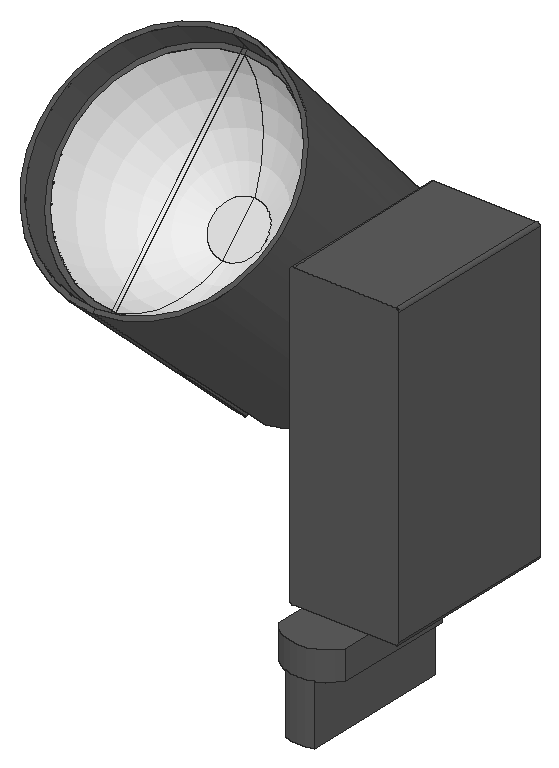
Revit family "0004944 Feilo Sylvania Lighting Fixture START TRACK SPOT L DALI 3260LM 930 WB BLK", category Lighting Fixtures, host Face, Revit 2017
Family settings
  Host = Face
  Round Connector Dimension = Use Diameter
  Part Type = Normal
  OmniClass Number = 23.80.70.00
  OmniClass Title = Lighting
  Cut with Voids When Loaded = No
  Light Source = No
  Shared = No
  Room Calculation Point = No
Parameters (values of type "0004944 START TRACK SPOT L DALI 3260LM 930 WB BLK")
  Weight = "1.368 kg"
  Wattage Comments = ""
  WarrantyStartDate [instance] = "n/a"
  WarrantyGuarantorParts = "n/a"
  WarrantyDurationUnit = "n/a"
  WarrantyDurationParts = "n/a"
  WarrantyDescription = "n/a"
  Voltage = 230 V
  URL = "http://www.sylvania-lighting.com/"
  TypeName = "START TRACK SPOT L DALI 3260LM 930 WB BLK"
  TypeHead_FEILO = Start Track Spot Head : 0004891 START TRACK SPOT L 35W 3K RA90 WB BLACK
  TypeBox_FEILO = Start Track Spot Box : Type Large Black
  Type Image = <None>
  Type Comments = "n/a"
  VerticalRotation_FEILO [instance] = 0.00°
  SlideEndAngle_FEILO [instance] = VerticalRotation_FEILO + 180.00°  # 180.00°
  SerialNumber [instance] = "n/a"
  Material_3_FEILO = none
  PowerFactor = 0.93
  PowerConsumption = "35 W"
  NominalLength = 0 mm
  NominalHeight = 240 mm
  NominalDepth = 164 mm
  Name = "START TRACK SPOT L DALI 3260LM 930 WB BLK"
  ModelReference = Name  # "START TRACK SPOT L DALI 3260LM 930 WB BLK"
  ModelNumber = "0004944"
  Model = Name  # "START TRACK SPOT L DALI 3260LM 930 WB BLK"
  Material = "adc12 aluminium housing, polycarbonate diffuser"
  ManufacturerName = "Feilo Sylvania"
  Manufacturer = "Feilo Sylvania"
  LuminousEfficacy = "93 lm/W"
  LuminaireType = ""
  LightOutputRatio = "100"
  LampsType = Lamp  # "LED"
  LampNominalLuminous = "3260 lm"
  LampMacAdamStep = "3"
  LampColourTemperature = "3000 K"
  LampColourRenderingIndex = "90"
  Lamp = "LED"
  Keynote = "16500"
  InstallationDate [instance] = "n/a"
  InputVoltage = "230-240V~"
  InputNominalFrequency = "50/60 Hz"
  IngressProtection = "IP20"
  ImpactProtectionIndex = "IK02"
  IfcExportType = "IfcLightFixtureType"
  IfcExportAs = "IfcLightFixtureType"
  HorizontalRotation_FEILO [instance] = 45.00°
  ExpectedLife = 50000
  ElectricShockClassification = "Class II"
  DurationUnit = "hours"
  DocumentationLiterature = "http://www.sylvania-lighting.com/product/en-int/products/0004891"
  DimmingControlOptions = "Dimmable"
  Material_2_FEILO = none
  Description = "Integrated LED spotlight, Textured Black - RAL9005, compact and minimalist design, ideal for retail applications, die-cast aluminium body, passive cooling heatsink. Beam angle: 52°, color temperature: 3000K , total system power: 35W, total fixture output: 3260 lm, LOR: 100%, colour rendering: Ra: 90 typical, LED Chromaticity: 3 step MacAdam ellipse, lifetime: >50000 hours at L70B50, energy class: A++, A+, A, IR/UV free light source without heat radiation, operating voltage: 220-240V / 50-60Hz, drive current: 900mA, electronic driver, non-dimmable, power factor: 0.93, electrical protection: Class II, Global Track 3 Phase adapter suitable for Global trac 3-circuit tracks, ingress protection rating: IP20, suitable for internal environment only, horizontal rotation: 355°, vertical tilt: 90°, dimensions: Ø113x164x240, weight: 1.368kg."
  Default Elevation = 1219.2 mm
  CreatedOn = "04/26/2018"
  CreatedBy = ""
  Cost = 0
  built-in parameter 1114216 [instance] = (empty or 0)
  ClassificationValue = "EF_70_80"
  ClassificationName = "Uniclass2015"
  Material_1_FEILO = Body-Sylvania-StartTrackSpot-Black
  BarCode [instance] = "n/a"
  AssetType = "Fixed"
  AssetIdentifier [instance] = "n/a"
  Assembly Code = "D5020200"
  Apparent Load = 35 VA
  Material_4_FEILO = none
Reference planes
  plane 1 "Center (Front/Back)": y = 0
  plane 2: z = 0
  plane 3 "Center (Left/Right)": x = 0
  plane 4: x = 15
  plane 5: x = -15
  plane 6: y = 35
  plane 7: y = -35
  plane 8: z = 13
  plane 9: z = -27
  plane 10: x = 6.5
  plane 11: x = -6.5
  plane 12: y = 27
  plane 13: y = -27
  plane 14: y = 20
Forms (mm)
  Extrusion 1, solid, material "Body-Sylvania-StartTrackSpot-Black" <- "Material_1_FEILO"
    sketch origin (0, 0, 0) x (1, 0, 0) y (0, 1, 0)
      loop
        line (-15, 27) -> (-15, -27)
        arc (-15, -27) -> (0, -35) -> (15, -27) r 18.062
        line (15, -27) -> (15, 27)
        arc (15, 27) -> (0, 35) -> (-15, 27) r 18.062
    from 0 to 13
  Extrusion 2, solid, material "Body-Sylvania-StartTrackSpot-Black" <- "Material_1_FEILO"
    sketch origin (0, 0, 0) x (1, 0, 0) y (0, 1, 0)
      loop
        arc (6.5, 33.79) -> (0, 35) -> (-6.5, 33.79) r 18.062
        line (-6.5, 33.79) -> (-6.5, -33.79)
        arc (-6.5, -33.79) -> (0, -35) -> (6.5, -33.79) r 18.062
        line (6.5, -33.79) -> (6.5, 33.79)
    from 0 to -27
  Revolve 3, solid, not visible
    sketch origin (1524, 20, 1219.2) x (1, 0, 0) y (0, 0, 1)
      loop
        line (-1524, -1206.2) -> (-1524, -1191.285) -> (-1530.5, -1191.285) -> (-1530.5, -1206.2) -> (-1524, -1206.2)
      axis (-1524, -1191.285) -> (-1524, -1206.2)
    angle from 0 <- "VerticalRotation_FEILO" to 180 <- "SlideEndAngle_FEILO"
Cuts and joins
  joined: Extrusion 1, Extrusion 2
Dimensions and locks
  equal spacing: plane 10, plane 3 "Center (Left/Right)", plane 11
  equal spacing: plane 4, plane 3 "Center (Left/Right)", plane 5
  locked: plane 8 to plane 2 at 13
  locked: plane 8 to plane 9 at 40
  equal spacing: plane 13, plane 1 "Center (Front/Back)", plane 12
  locked: plane 12 to plane 6 at 8
  locked: plane 14 to plane 6 at 15
  locked: Revolve 3 sketch curve to plane 8 at 14.915
  aligned and locked: plane 2 to host face
  aligned and locked: level to host face
  aligned and locked: plane 5 to Extrusion 1 sketch curve  (x2)
  aligned and locked: plane 12 to Extrusion 1 sketch curve
  aligned and locked: plane 13 to Extrusion 1 sketch curve
  aligned and locked: plane 4 to Extrusion 1 sketch curve
  aligned and locked: Extrusion 1 to plane 8
  aligned and locked: Extrusion 1 to level
  aligned and locked: Extrusion 2 sketch curve to Extrusion 1  (x2)
  aligned and locked: Extrusion 2 sketch curve to plane 11
  aligned and locked: plane 10 to Extrusion 2 sketch curve
  aligned and locked: plane 9 to Extrusion 2
  aligned and locked: level to Extrusion 2
  aligned and locked: Revolve 3 sketch curve to plane 3 "Center (Left/Right)"  (x2)
  aligned and locked: plane 11 to Revolve 3 sketch curve
  aligned and locked: Revolve 3 sketch curve to plane 8
Automatic sketch dimensions
  host sketch curve to host sketch curve = 2438.4 mm  (x2)
  Extrusion 1 sketch curve to plane 3 "Center (Left/Right)" = 0 mm  (x2)
  Extrusion 1 sketch curve to plane 13 = 10.062 mm
  plane 12 to Extrusion 1 sketch curve = 10.062 mm
  Revolve 3 sketch curve to plane 3 "Center (Left/Right)" = 0 mm
  plane 9 to Revolve 3 sketch curve = 582.6 mm
  Revolve 3 sketch curve to Revolve 3 sketch curve = 2581.144 mm
Nested families
  nested 1: "Start Track Spot Head" at (-75.5, 20, 133) x (0, 0.7071, 0.7071) z (0, 0.7071, -0.7071), type <- "TypeHead_FEILO", type "0004891 START TRACK SPOT L 35W 3K RA90 WB BLACK"
    with built-in parameter 1114216 (empty or 0)
  nested 2: "Start Track Spot Box" at (8.5, 20, 85) x (-1, 0, 0) z (0, -1, 0), BoxStartAngle_FEILO <- "HorizontalRotation_FEILO", type <- "TypeBox_FEILO", type "Type Large Black"
    with BoxStartAngle_FEILO 45.00°, BoxEndAngle_FEILO -135.00°
Connectors
  electrical at (0, 0, 0), driven by "Apparent Load", driven by "PowerFactor", driven by "Voltage"
    settings: index 1, voltage 230 V, apparent load 35 VA, apparent load phase1 0 VA, apparent load phase2 0 VA, apparent load phase3 0 VA, power factor 0.93, load classification "Lighting", number of poles 1, system type 30, power factor state 1, is connector primary yes, connector utility no, sub classification motor no, connector description ""
Definition of nested family "Start Track Spot Head"
  Parameters (values of type "0004811 START TRACK SPOT S 14W 3K RA80 NB WHITE")
    Wattage Comments = "n/a"
    Wattage = 14 W
    built-in parameter 1150110 = 1 (stored number, unit not read)
    URL = "http://www.feilosylvania.com"
    Type Image = (empty or 0)
    Type Comments = "n/a"
    built-in parameter 1114217 = 1 (stored number, unit not read)
    Tilt Angle = -90.00°
    built-in parameter 1150109 = 1 (stored number, unit not read)
    built-in parameter 1150134 = (empty or 0)
    built-in parameter 1150113 = 1 (stored number, unit not read)
    Photometric Web File = "0004811.ies"
    Material_3_FEILO = none
    Model = "START TRACK SPOT S 14W 3K RA80 NB WHITE"
    Manufacturer = "Feilo Sylvania"
    built-in parameter 1150105 = 123.66 (stored number, unit not read)
    Lumens = 1554 lm
    built-in parameter 1150115 = 1 (stored number, unit not read)
    built-in parameter 1150137 = (empty or 0)
    built-in parameter 1150139 = (empty or 0)
    built-in parameter 1150112 = 1 (stored number, unit not read)
    built-in parameter 1150114 = 1 (stored number, unit not read)
    Lamp = "LED"
    Keynote = "16500"
    Material_2_FEILO = none
    built-in parameter 1150132 = (empty or 0)
    built-in parameter 1150102 = (empty or 0)
    built-in parameter 1150107 = 3000 (stored number, unit not read)
    built-in parameter 1150138 = (empty or 0)
    built-in parameter 1150106 = 1.2366 (stored number, unit not read)
    HeadThickness_FEILO = if(HeadDiaOut_FEILO > 112 mm, 2 mm, 1.5 mm)  # 1.5 mm
    HeadRibOffset_FEILO = HeadHeight_FEILO / 28  # 4.179 mm
    HeadRibDepth_FEILO = HeadHeight_FEILO / 2.1  # 55.714 mm
    HeadRibCutWidth_FEILO = HeadDiaOut_FEILO / 12  # 7.167 mm
    HeadRibCutOffset_FEILO = HeadHeight_FEILO / 2.3  # 50.87 mm
    HeadReflectorRadius_FEILO = HeadDiaOut_FEILO / 1.7  # 50.588 mm
    HeadReflectorOffset_FEILO = HeadHeight_FEILO / 2.1  # 55.714 mm
    HeadLEDRadius_FEILO = HeadDiaOut_FEILO / 9  # 9.556 mm
    HeadHeight_FEILO = 117 mm
    HeadDraft_FEILO = 1 mm
    HeadDiffusorThickness_FEILO = 3 mm
    HeadDiffusorOffset_FEILO = HeadHeight_FEILO / 12.4  # 9.435 mm
    HeadDiaOut_FEILO = 86 mm
    HeadDiaIn_FEILO = HeadDiaOut_FEILO / 1.11  # 77.477 mm
    HeadAxisFromTop_FEILO = HeadHeight_FEILO / 1.687  # 69.354 mm
    Emit from Circle Diameter = HeadDiaIn_FEILO  # 77.477 mm
    Emit Shape Visible in Rendering = no
    built-in parameter 1150104 = 10.312 (stored number, unit not read)
    Dimming Lamp Color Temperature Shift = (empty or 0)
    Description = "Integrated LED spotlight, Textured White - RAL9016, compact and minimalist design, ideal for retail applications, die-cast aluminium body, passive cooling heatsink. Beam angle: 12°, color temperature: 3000K , total system power: 14W, total fixture output: 1551 lm, LOR: 100%, colour rendering: Ra: 80 typical, LED Chromaticity: 3 step MacAdam ellipse, lifetime: >50000 hours at L70B50, energy class: A++, A+, A, IR/UV free light source without heat radiation, operating voltage: 220-240V / 50-60Hz, drive current: 350mA, electronic driver, non-dimmable, power factor: 0.92, electrical protection: Class II, Global Track 3 Phase adapter suitable for Global trac 3-circuit tracks, ingress protection rating: IP20, suitable for internal environment only, horizontal rotation: 355°, vertical tilt: 90°, dimensions: Ø86x140x200, weight: 0.940kg."
    Default Elevation = 1219.2 mm
    Cost = 0
    Color Filter = 16777215
    built-in parameter 1114216 [instance] = (empty or 0)
    Material_1_FEILO = none
    built-in parameter 1114218 = 1 (stored number, unit not read)
    built-in parameter 1150133 = 10 (stored number, unit not read)
    Assembly Code = "D5020200"
    Apparent Load = 14 VA
    Material_4_FEILO = none
  Types (96, lengths in mm): name | Wattage | built-in parameter 1150134 | Photometric Web File | Model | built-in parameter 1150105 | Lumens | built-in parameter 1150107 | built-in parameter 1150106 | HeadThickness_FEILO | HeadRibOffset_FEILO | HeadRibDepth_FEILO | HeadRibCutWidth_FEILO | HeadRibCutOffset_FEILO | HeadReflectorRadius_FEILO | HeadReflectorOffset_FEILO | HeadLEDRadius_FEILO | HeadHeight_FEILO | HeadDiffusorOffset_FEILO | HeadDiaOut_FEILO | HeadDiaIn_FEILO | HeadAxisFromTop_FEILO | Emit from Circle Diameter | built-in parameter 1150104 | Description | Apparent Load
    0004906 START TRACK SPOT L 55W 4K RA90 WB BLACK | 55 W | 12 | "0004906.ies" | "START TRACK SPOT L 55W 4K RA90 WB BLACK" | 385.15 (stored number, unit not read) | 4840 lm | 4000 (stored number, unit not read) | 3.8515 (stored number, unit not read) | 2 | 4.429 | 59.048 | 9.417 | 53.913 | 66.471 | 59.048 | 12.556 | 124 | 10 | 113 | 101.802 | 73.503 | 101.802 | 8.1755 (stored number, unit not read) | "Integrated LED spotlight, Textured Black - RAL9005, compact and minimalist design, ideal for retail applications, die-cast aluminium body, passive cooling heatsink. Beam angle: 52°, color temperature: 4000K , total system power: 55W, total fixture output: 4824 lm, LOR: 100%, colour rendering: Ra: 90 typical, LED Chromaticity: 3 step MacAdam ellipse, lifetime: >50000 hours at L70B50, energy class: A++, A+, A, IR/UV free light source without heat radiation, operating voltage: 220-240V / 50-60Hz, drive current: 1400mA, electronic driver, non-dimmable, power factor: 0.96, electrical protection: Class II, Global Track 3 Phase adapter suitable for Global trac 3-circuit tracks, ingress protection rating: IP20, suitable for internal environment only, horizontal rotation: 355°, vertical tilt: 90°, dimensions: Ø113x164x240, weight: 1.398kg." | 55 VA
    0004905 START TRACK SPOT L 55W 4K RA90 MB BLACK | 55 W | 12 | "0004905.ies" | "START TRACK SPOT L 55W 4K RA90 MB BLACK" | 389.53 (stored number, unit not read) | 4895 lm | 4000 (stored number, unit not read) | 3.8953 (stored number, unit not read) | 2 | 4.429 | 59.048 | 9.417 | 53.913 | 66.471 | 59.048 | 12.556 | 124 | 10 | 113 | 101.802 | 73.503 | 101.802 | 8.2684 (stored number, unit not read) | "Integrated LED spotlight, Textured Black - RAL9005, compact and minimalist design, ideal for retail applications, die-cast aluminium body, passive cooling heatsink. Beam angle: 38°, color temperature: 4000K , total system power: 55W, total fixture output: 4897 lm, LOR: 100%, colour rendering: Ra: 90 typical, LED Chromaticity: 3 step MacAdam ellipse, lifetime: >50000 hours at L70B50, energy class: A++, A+, A, IR/UV free light source without heat radiation, operating voltage: 220-240V / 50-60Hz, drive current: 1400mA, electronic driver, non-dimmable, power factor: 0.96, electrical protection: Class II, Global Track 3 Phase adapter suitable for Global trac 3-circuit tracks, ingress protection rating: IP20, suitable for internal environment only, horizontal rotation: 355°, vertical tilt: 90°, dimensions: Ø113x164x240, weight: 1.398kg." | 55 VA
    0004904 START TRACK SPOT L 55W 4K RA90 NB BLACK | 55 W | 12 | "0004904.ies" | "START TRACK SPOT L 55W 4K RA90 NB BLACK" | 393.91 (stored number, unit not read) | 4950 lm | 4000 (stored number, unit not read) | 3.9391 (stored number, unit not read) | 2 | 4.429 | 59.048 | 9.417 | 53.913 | 66.471 | 59.048 | 12.556 | 124 | 10 | 113 | 101.802 | 73.503 | 101.802 | 8.3613 (stored number, unit not read) | "Integrated LED spotlight, Textured Black - RAL9005, compact and minimalist design, ideal for retail applications, die-cast aluminium body, passive cooling heatsink. Beam angle: 15°, color temperature: 4000K , total system power: 55W, total fixture output: 4965 lm, LOR: 100%, colour rendering: Ra: 90 typical, LED Chromaticity: 3 step MacAdam ellipse, lifetime: >50000 hours at L70B50, energy class: A++, A+, A, IR/UV free light source without heat radiation, operating voltage: 220-240V / 50-60Hz, drive current: 1400mA, electronic driver, non-dimmable, power factor: 0.96, electrical protection: Class II, Global Track 3 Phase adapter suitable for Global trac 3-circuit tracks, ingress protection rating: IP20, suitable for internal environment only, horizontal rotation: 355°, vertical tilt: 90°, dimensions: Ø113x164x240, weight: 1.398kg." | 55 VA
    0004903 START TRACK SPOT L 35W 4K RA90 WB BLACK | 35 W | 12 | "0004903.ies" | "START TRACK SPOT L 35W 4K RA90 WB BLACK" | 284.09 (stored number, unit not read) | 3570 lm | 4000 (stored number, unit not read) | 2.8409 (stored number, unit not read) | 2 | 4.429 | 59.048 | 9.417 | 53.913 | 66.471 | 59.048 | 12.556 | 124 | 10 | 113 | 101.802 | 73.503 | 101.802 | 9.4761 (stored number, unit not read) | "Integrated LED spotlight, Textured Black - RAL9005, compact and minimalist design, ideal for retail applications, die-cast aluminium body, passive cooling heatsink. Beam angle: 52°, color temperature: 4000K , total system power: 35W, total fixture output: 3562 lm, LOR: 100%, colour rendering: Ra: 90 typical, LED Chromaticity: 3 step MacAdam ellipse, lifetime: >50000 hours at L70B50, energy class: A++, A+, A, IR/UV free light source without heat radiation, operating voltage: 220-240V / 50-60Hz, drive current: 900mA, electronic driver, non-dimmable, power factor: 0.93, electrical protection: Class II, Global Track 3 Phase adapter suitable for Global trac 3-circuit tracks, ingress protection rating: IP20, suitable for internal environment only, horizontal rotation: 355°, vertical tilt: 90°, dimensions: Ø113x164x240, weight: 1.368kg." | 35 VA
    0004902 START TRACK SPOT L 35W 4K RA90 MB BLACK | 35 W | 12 | "0004902.ies" | "START TRACK SPOT L 35W 4K RA90 MB BLACK" | 286.88 (stored number, unit not read) | 3605 lm | 4000 (stored number, unit not read) | 2.8688 (stored number, unit not read) | 2 | 4.429 | 59.048 | 9.417 | 53.913 | 66.471 | 59.048 | 12.556 | 124 | 10 | 113 | 101.802 | 73.503 | 101.802 | 9.569 (stored number, unit not read) | "Integrated LED spotlight, Textured Black - RAL9005, compact and minimalist design, ideal for retail applications, die-cast aluminium body, passive cooling heatsink. Beam angle: 38°, color temperature: 4000K , total system power: 35W, total fixture output: 3616 lm, LOR: 100%, colour rendering: Ra: 90 typical, LED Chromaticity: 3 step MacAdam ellipse, lifetime: >50000 hours at L70B50, energy class: A++, A+, A, IR/UV free light source without heat radiation, operating voltage: 220-240V / 50-60Hz, drive current: 900mA, electronic driver, non-dimmable, power factor: 0.93, electrical protection: Class II, Global Track 3 Phase adapter suitable for Global trac 3-circuit tracks, ingress protection rating: IP20, suitable for internal environment only, horizontal rotation: 355°, vertical tilt: 90°, dimensions: Ø113x164x240, weight: 1.368kg." | 35 VA
    0004901 START TRACK SPOT L 35W 4K RA90 NB BLACK | 35 W | 12 | "0004901.ies" | "START TRACK SPOT L 35W 4K RA90 NB BLACK" | 286.88 (stored number, unit not read) | 3605 lm | 4000 (stored number, unit not read) | 2.8688 (stored number, unit not read) | 2 | 4.429 | 59.048 | 9.417 | 53.913 | 66.471 | 59.048 | 12.556 | 124 | 10 | 113 | 101.802 | 73.503 | 101.802 | 9.569 (stored number, unit not read) | "Integrated LED spotlight, Textured Black - RAL9005, compact and minimalist design, ideal for retail applications, die-cast aluminium body, passive cooling heatsink. Beam angle: 15°, color temperature: 4000K , total system power: 35W, total fixture output: 3593 lm, LOR: 100%, colour rendering: Ra: 90 typical, LED Chromaticity: 3 step MacAdam ellipse, lifetime: >50000 hours at L70B50, energy class: A++, A+, A, IR/UV free light source without heat radiation, operating voltage: 220-240V / 50-60Hz, drive current: 900mA, electronic driver, non-dimmable, power factor: 0.93, electrical protection: Class II, Global Track 3 Phase adapter suitable for Global trac 3-circuit tracks, ingress protection rating: IP20, suitable for internal environment only, horizontal rotation: 355°, vertical tilt: 90°, dimensions: Ø113x164x240, weight: 1.368kg." | 35 VA
    0004900 START TRACK SPOT S 24W 4K RA90 WB BLACK | 24 W | 12 | "0004900.ies" | "START TRACK SPOT S 24W 4K RA90 WB BLACK" | 166.16 (stored number, unit not read) | 2088 lm | 4000 (stored number, unit not read) | 1.6616 (stored number, unit not read) | 1.5 | 4.179 | 55.714 | 7.167 | 50.87 | 50.588 | 55.714 | 9.556 | 117 | 9.435 | 86 | 77.477 | 69.354 | 77.477 | 8.0826 (stored number, unit not read) | "Integrated LED spotlight, Textured Black - RAL9005, compact and minimalist design, ideal for retail applications, die-cast aluminium body, passive cooling heatsink. Beam angle: 64°, color temperature: 4000K , total system power: 24W, total fixture output: 2087 lm, LOR: 100%, colour rendering: Ra: 90 typical, LED Chromaticity: 3 step MacAdam ellipse, lifetime: >50000 hours at L70B50, energy class: A++, A+, A, IR/UV free light source without heat radiation, operating voltage: 220-240V / 50-60Hz, drive current: 600mA, electronic driver, non-dimmable, power factor: 0.95, electrical protection: Class II, Global Track 3 Phase adapter suitable for Global trac 3-circuit tracks, ingress protection rating: IP20, suitable for internal environment only, horizontal rotation: 355°, vertical tilt: 90°, dimensions: Ø86x140x200, weight: 0.966kg." | 24 VA
    0004899 START TRACK SPOT S 24W 4K RA90 MB BLACK | 24 W | 12 | "0004899.ies" | "START TRACK SPOT S 24W 4K RA90 MB BLACK" | 169.98 (stored number, unit not read) | 2136 lm | 4000 (stored number, unit not read) | 1.6998 (stored number, unit not read) | 1.5 | 4.179 | 55.714 | 7.167 | 50.87 | 50.588 | 55.714 | 9.556 | 117 | 9.435 | 86 | 77.477 | 69.354 | 77.477 | 8.2684 (stored number, unit not read) | "Integrated LED spotlight, Textured Black - RAL9005, compact and minimalist design, ideal for retail applications, die-cast aluminium body, passive cooling heatsink. Beam angle: 36°, color temperature: 4000K , total system power: 24W, total fixture output: 2141 lm, LOR: 100%, colour rendering: Ra: 90 typical, LED Chromaticity: 3 step MacAdam ellipse, lifetime: >50000 hours at L70B50, energy class: A++, A+, A, IR/UV free light source without heat radiation, operating voltage: 220-240V / 50-60Hz, drive current: 600mA, electronic driver, non-dimmable, power factor: 0.95, electrical protection: Class II, Global Track 3 Phase adapter suitable for Global trac 3-circuit tracks, ingress protection rating: IP20, suitable for internal environment only, horizontal rotation: 355°, vertical tilt: 90°, dimensions: Ø86x140x200, weight: 0.966kg." | 24 VA
    0004898 START TRACK SPOT S 24W 4K RA90 NB BLACK | 24 W | 12 | "0004898.ies" | "START TRACK SPOT S 24W 4K RA90 NB BLACK" | 171.89 (stored number, unit not read) | 2160 lm | 4000 (stored number, unit not read) | 1.7189 (stored number, unit not read) | 1.5 | 4.179 | 55.714 | 7.167 | 50.87 | 50.588 | 55.714 | 9.556 | 117 | 9.435 | 86 | 77.477 | 69.354 | 77.477 | 8.3613 (stored number, unit not read) | "Integrated LED spotlight, Textured Black - RAL9005, compact and minimalist design, ideal for retail applications, die-cast aluminium body, passive cooling heatsink. Beam angle: 12°, color temperature: 4000K , total system power: 24W, total fixture output: 2155 lm, LOR: 100%, colour rendering: Ra: 90 typical, LED Chromaticity: 3 step MacAdam ellipse, lifetime: >50000 hours at L70B50, energy class: A++, A+, A, IR/UV free light source without heat radiation, operating voltage: 220-240V / 50-60Hz, drive current: 600mA, electronic driver, non-dimmable, power factor: 0.95, electrical protection: Class II, Global Track 3 Phase adapter suitable for Global trac 3-circuit tracks, ingress protection rating: IP20, suitable for internal environment only, horizontal rotation: 355°, vertical tilt: 90°, dimensions: Ø86x140x200, weight: 0.966kg." | 24 VA
    0004897 START TRACK SPOT S 14W 4K RA90 WB BLACK | 14 W | 12 | "0004897.ies" | "START TRACK SPOT S 14W 4K RA90 WB BLACK" | 108.07 (stored number, unit not read) | 1358 lm | 4000 (stored number, unit not read) | 1.0807 (stored number, unit not read) | 1.5 | 4.179 | 55.714 | 7.167 | 50.87 | 50.588 | 55.714 | 9.556 | 117 | 9.435 | 86 | 77.477 | 69.354 | 77.477 | 9.0116 (stored number, unit not read) | "Integrated LED spotlight, Textured Black - RAL9005, compact and minimalist design, ideal for retail applications, die-cast aluminium body, passive cooling heatsink. Beam angle: 64°, color temperature: 4000K , total system power: 14W, total fixture output: 1352 lm, LOR: 100%, colour rendering: Ra: 90 typical, LED Chromaticity: 3 step MacAdam ellipse, lifetime: >50000 hours at L70B50, energy class: A++, A+, A, IR/UV free light source without heat radiation, operating voltage: 220-240V / 50-60Hz, drive current: 350mA, electronic driver, non-dimmable, power factor: 0.92, electrical protection: Class II, Global Track 3 Phase adapter suitable for Global trac 3-circuit tracks, ingress protection rating: IP20, suitable for internal environment only, horizontal rotation: 355°, vertical tilt: 90°, dimensions: Ø86x140x200, weight: 0.940kg." | 14 VA
    0004896 START TRACK SPOT S 14W 4K RA90 MB BLACK | 14 W | 12 | "0004896.ies" | "START TRACK SPOT S 14W 4K RA90 MB BLACK" | 108.07 (stored number, unit not read) | 1358 lm | 4000 (stored number, unit not read) | 1.0807 (stored number, unit not read) | 1.5 | 4.179 | 55.714 | 7.167 | 50.87 | 50.588 | 55.714 | 9.556 | 117 | 9.435 | 86 | 77.477 | 69.354 | 77.477 | 9.0116 (stored number, unit not read) | "Integrated LED spotlight, Textured Black - RAL9005, compact and minimalist design, ideal for retail applications, die-cast aluminium body, passive cooling heatsink. Beam angle: 36°, color temperature: 4000K , total system power: 14W, total fixture output: 1359 lm, LOR: 100%, colour rendering: Ra: 90 typical, LED Chromaticity: 3 step MacAdam ellipse, lifetime: >50000 hours at L70B50, energy class: A++, A+, A, IR/UV free light source without heat radiation, operating voltage: 220-240V / 50-60Hz, drive current: 350mA, electronic driver, non-dimmable, power factor: 0.92, electrical protection: Class II, Global Track 3 Phase adapter suitable for Global trac 3-circuit tracks, ingress protection rating: IP20, suitable for internal environment only, horizontal rotation: 355°, vertical tilt: 90°, dimensions: Ø86x140x200, weight: 0.940kg." | 14 VA
    0004895 START TRACK SPOT S 14W 4K RA90 NB BLACK | 14 W | 12 | "0004895.ies" | "START TRACK SPOT S 14W 4K RA90 NB BLACK" | 106.95 (stored number, unit not read) | 1344 lm | 4000 (stored number, unit not read) | 1.0695 (stored number, unit not read) | 1.5 | 4.179 | 55.714 | 7.167 | 50.87 | 50.588 | 55.714 | 9.556 | 117 | 9.435 | 86 | 77.477 | 69.354 | 77.477 | 8.9187 (stored number, unit not read) | "Integrated LED spotlight, Textured Black - RAL9005, compact and minimalist design, ideal for retail applications, die-cast aluminium body, passive cooling heatsink. Beam angle: 12°, color temperature: 4000K , total system power: 14W, total fixture output: 1349 lm, LOR: 100%, colour rendering: Ra: 90 typical, LED Chromaticity: 3 step MacAdam ellipse, lifetime: >50000 hours at L70B50, energy class: A++, A+, A, IR/UV free light source without heat radiation, operating voltage: 220-240V / 50-60Hz, drive current: 350mA, electronic driver, non-dimmable, power factor: 0.92, electrical protection: Class II, Global Track 3 Phase adapter suitable for Global trac 3-circuit tracks, ingress protection rating: IP20, suitable for internal environment only, horizontal rotation: 355°, vertical tilt: 90°, dimensions: Ø86x140x200, weight: 0.940kg." | 14 VA
    0004894 START TRACK SPOT L 55W 3K RA90 WB BLACK | 55 W | (empty or 0) | "0004894.ies" | "START TRACK SPOT L 55W 3K RA90 WB BLACK" | 350.14 (stored number, unit not read) | 4400 lm | 3000 (stored number, unit not read) | 3.5014 (stored number, unit not read) | 2 | 4.429 | 59.048 | 9.417 | 53.913 | 66.471 | 59.048 | 12.556 | 124 | 10 | 113 | 101.802 | 73.503 | 101.802 | 7.4322 (stored number, unit not read) | "Integrated LED spotlight, Textured Black - RAL9005, compact and minimalist design, ideal for retail applications, die-cast aluminium body, passive cooling heatsink. Beam angle: 52°, color temperature: 3000K , total system power: 55W, total fixture output: 4405 lm, LOR: 100%, colour rendering: Ra: 90 typical, LED Chromaticity: 3 step MacAdam ellipse, lifetime: >50000 hours at L70B50, energy class: A++, A+, A, IR/UV free light source without heat radiation, operating voltage: 220-240V / 50-60Hz, drive current: 1400mA, electronic driver, non-dimmable, power factor: 0.96, electrical protection: Class II, Global Track 3 Phase adapter suitable for Global trac 3-circuit tracks, ingress protection rating: IP20, suitable for internal environment only, horizontal rotation: 355°, vertical tilt: 90°, dimensions: Ø113x164x240, weight: 1.398kg." | 55 VA
    0004893 START TRACK SPOT L 55W 3K RA90 MB BLACK | 55 W | (empty or 0) | "0004893.ies" | "START TRACK SPOT L 55W 3K RA90 MB BLACK" | 354.52 (stored number, unit not read) | 4455 lm | 3000 (stored number, unit not read) | 3.5452 (stored number, unit not read) | 2 | 4.429 | 59.048 | 9.417 | 53.913 | 66.471 | 59.048 | 12.556 | 124 | 10 | 113 | 101.802 | 73.503 | 101.802 | 7.5251 (stored number, unit not read) | "Integrated LED spotlight, Textured Black - RAL9005, compact and minimalist design, ideal for retail applications, die-cast aluminium body, passive cooling heatsink. Beam angle: 38°, color temperature: 3000K , total system power: 55W, total fixture output: 4448 lm, LOR: 100%, colour rendering: Ra: 90 typical, LED Chromaticity: 3 step MacAdam ellipse, lifetime: >50000 hours at L70B50, energy class: A++, A+, A, IR/UV free light source without heat radiation, operating voltage: 220-240V / 50-60Hz, drive current: 1400mA, electronic driver, non-dimmable, power factor: 0.96, electrical protection: Class II, Global Track 3 Phase adapter suitable for Global trac 3-circuit tracks, ingress protection rating: IP20, suitable for internal environment only, horizontal rotation: 355°, vertical tilt: 90°, dimensions: Ø113x164x240, weight: 1.398kg." | 55 VA
    0004892 START TRACK SPOT L 55W 3K RA90 NB BLACK | 55 W | (empty or 0) | "0004892.ies" | "START TRACK SPOT L 55W 3K RA90 NB BLACK" | 350.14 (stored number, unit not read) | 4400 lm | 3000 (stored number, unit not read) | 3.5014 (stored number, unit not read) | 2 | 4.429 | 59.048 | 9.417 | 53.913 | 66.471 | 59.048 | 12.556 | 124 | 10 | 113 | 101.802 | 73.503 | 101.802 | 7.4322 (stored number, unit not read) | "Integrated LED spotlight, Textured Black - RAL9005, compact and minimalist design, ideal for retail applications, die-cast aluminium body, passive cooling heatsink. Beam angle: 15°, color temperature: 3000K , total system power: 55W, total fixture output: 4416 lm, LOR: 100%, colour rendering: Ra: 90 typical, LED Chromaticity: 3 step MacAdam ellipse, lifetime: >50000 hours at L70B50, energy class: A++, A+, A, IR/UV free light source without heat radiation, operating voltage: 220-240V / 50-60Hz, drive current: 1400mA, electronic driver, non-dimmable, power factor: 0.96, electrical protection: Class II, Global Track 3 Phase adapter suitable for Global trac 3-circuit tracks, ingress protection rating: IP20, suitable for internal environment only, horizontal rotation: 355°, vertical tilt: 90°, dimensions: Ø113x164x240, weight: 1.398kg." | 55 VA
    0004891 START TRACK SPOT L 35W 3K RA90 WB BLACK | 35 W | (empty or 0) | "0004891.ies" | "START TRACK SPOT L 35W 3K RA90 WB BLACK" | 259.02 (stored number, unit not read) | 3255 lm | 3000 (stored number, unit not read) | 2.5902 (stored number, unit not read) | 2 | 4.429 | 59.048 | 9.417 | 53.913 | 66.471 | 59.048 | 12.556 | 124 | 10 | 113 | 101.802 | 73.503 | 101.802 | 8.64 (stored number, unit not read) | "Integrated LED spotlight, Textured Black - RAL9005, compact and minimalist design, ideal for retail applications, die-cast aluminium body, passive cooling heatsink. Beam angle: 52°, color temperature: 3000K , total system power: 35W, total fixture output: 3260 lm, LOR: 100%, colour rendering: Ra: 90 typical, LED Chromaticity: 3 step MacAdam ellipse, lifetime: >50000 hours at L70B50, energy class: A++, A+, A, IR/UV free light source without heat radiation, operating voltage: 220-240V / 50-60Hz, drive current: 900mA, electronic driver, non-dimmable, power factor: 0.93, electrical protection: Class II, Global Track 3 Phase adapter suitable for Global trac 3-circuit tracks, ingress protection rating: IP20, suitable for internal environment only, horizontal rotation: 355°, vertical tilt: 90°, dimensions: Ø113x164x240, weight: 1.368kg." | 35 VA
    0004890 START TRACK SPOT L 35W 3K RA90 MB BLACK | 35 W | (empty or 0) | "0004890.ies" | "START TRACK SPOT L 35W 3K RA90 MB BLACK" | 261.81 (stored number, unit not read) | 3290 lm | 3000 (stored number, unit not read) | 2.6181 (stored number, unit not read) | 2 | 4.429 | 59.048 | 9.417 | 53.913 | 66.471 | 59.048 | 12.556 | 124 | 10 | 113 | 101.802 | 73.503 | 101.802 | 8.7329 (stored number, unit not read) | "Integrated LED spotlight, Textured Black - RAL9005, compact and minimalist design, ideal for retail applications, die-cast aluminium body, passive cooling heatsink. Beam angle: 38°, color temperature: 3000K , total system power: 35W, total fixture output: 3306 lm, LOR: 100%, colour rendering: Ra: 90 typical, LED Chromaticity: 3 step MacAdam ellipse, lifetime: >50000 hours at L70B50, energy class: A++, A+, A, IR/UV free light source without heat radiation, operating voltage: 220-240V / 50-60Hz, drive current: 900mA, electronic driver, non-dimmable, power factor: 0.93, electrical protection: Class II, Global Track 3 Phase adapter suitable for Global trac 3-circuit tracks, ingress protection rating: IP20, suitable for internal environment only, horizontal rotation: 355°, vertical tilt: 90°, dimensions: Ø113x164x240, weight: 1.368kg." | 35 VA
    0004889 START TRACK SPOT L 35W 3K RA90 NB BLACK | 35 W | (empty or 0) | "0004889.ies" | "START TRACK SPOT L 35W 3K RA90 NB BLACK" | 261.81 (stored number, unit not read) | 3290 lm | 3000 (stored number, unit not read) | 2.6181 (stored number, unit not read) | 2 | 4.429 | 59.048 | 9.417 | 53.913 | 66.471 | 59.048 | 12.556 | 124 | 10 | 113 | 101.802 | 73.503 | 101.802 | 8.7329 (stored number, unit not read) | "Integrated LED spotlight, Textured Black - RAL9005, compact and minimalist design, ideal for retail applications, die-cast aluminium body, passive cooling heatsink. Beam angle: 15°, color temperature: 3000K , total system power: 35W, total fixture output: 3287 lm, LOR: 100%, colour rendering: Ra: 90 typical, LED Chromaticity: 3 step MacAdam ellipse, lifetime: >50000 hours at L70B50, energy class: A++, A+, A, IR/UV free light source without heat radiation, operating voltage: 220-240V / 50-60Hz, drive current: 900mA, electronic driver, non-dimmable, power factor: 0.93, electrical protection: Class II, Global Track 3 Phase adapter suitable for Global trac 3-circuit tracks, ingress protection rating: IP20, suitable for internal environment only, horizontal rotation: 355°, vertical tilt: 90°, dimensions: Ø113x164x240, weight: 1.368kg." | 35 VA
    0004888 START TRACK SPOT S 24W 3K RA90 WB BLACK | 24 W | (empty or 0) | "0004888.ies" | "START TRACK SPOT S 24W 3K RA90 WB BLACK" | 152.79 (stored number, unit not read) | 1920 lm | 3000 (stored number, unit not read) | 1.5279 (stored number, unit not read) | 1.5 | 4.179 | 55.714 | 7.167 | 50.87 | 50.588 | 55.714 | 9.556 | 117 | 9.435 | 86 | 77.477 | 69.354 | 77.477 | 7.4322 (stored number, unit not read) | "Integrated LED spotlight, Textured Black - RAL9005, compact and minimalist design, ideal for retail applications, die-cast aluminium body, passive cooling heatsink. Beam angle: 64°, color temperature: 3000K , total system power: 24W, total fixture output: 1928 lm, LOR: 100%, colour rendering: Ra: 90 typical, LED Chromaticity: 3 step MacAdam ellipse, lifetime: >50000 hours at L70B50, energy class: A++, A+, A, IR/UV free light source without heat radiation, operating voltage: 220-240V / 50-60Hz, drive current: 600mA, electronic driver, non-dimmable, power factor: 0.95, electrical protection: Class II, Global Track 3 Phase adapter suitable for Global trac 3-circuit tracks, ingress protection rating: IP20, suitable for internal environment only, horizontal rotation: 355°, vertical tilt: 90°, dimensions: Ø86x140x200, weight: 0.966kg." | 24 VA
    0004887 START TRACK SPOT S 24W 3K RA90 MB BLACK | 24 W | (empty or 0) | "0004887.ies" | "START TRACK SPOT S 24W 3K RA90 MB BLACK" | 154.7 (stored number, unit not read) | 1944 lm | 3000 (stored number, unit not read) | 1.547 (stored number, unit not read) | 1.5 | 4.179 | 55.714 | 7.167 | 50.87 | 50.588 | 55.714 | 9.556 | 117 | 9.435 | 86 | 77.477 | 69.354 | 77.477 | 7.5251 (stored number, unit not read) | "Integrated LED spotlight, Textured Black - RAL9005, compact and minimalist design, ideal for retail applications, die-cast aluminium body, passive cooling heatsink. Beam angle: 36°, color temperature: 3000K , total system power: 24W, total fixture output: 1944 lm, LOR: 100%, colour rendering: Ra: 90 typical, LED Chromaticity: 3 step MacAdam ellipse, lifetime: >50000 hours at L70B50, energy class: A++, A+, A, IR/UV free light source without heat radiation, operating voltage: 220-240V / 50-60Hz, drive current: 600mA, electronic driver, non-dimmable, power factor: 0.95, electrical protection: Class II, Global Track 3 Phase adapter suitable for Global trac 3-circuit tracks, ingress protection rating: IP20, suitable for internal environment only, horizontal rotation: 355°, vertical tilt: 90°, dimensions: Ø86x140x200, weight: 0.966kg." | 24 VA
    0004886 START TRACK SPOT S 24W 3K RA90 NB BLACK | 24 W | (empty or 0) | "0004886.ies" | "START TRACK SPOT S 24W 3K RA90 NB BLACK" | 158.52 (stored number, unit not read) | 1992 lm | 3000 (stored number, unit not read) | 1.5852 (stored number, unit not read) | 1.5 | 4.179 | 55.714 | 7.167 | 50.87 | 50.588 | 55.714 | 9.556 | 117 | 9.435 | 86 | 77.477 | 69.354 | 77.477 | 7.711 (stored number, unit not read) | "Integrated LED spotlight, Textured Black - RAL9005, compact and minimalist design, ideal for retail applications, die-cast aluminium body, passive cooling heatsink. Beam angle: 12°, color temperature: 3000K , total system power: 24W, total fixture output: 1987 lm, LOR: 100%, colour rendering: Ra: 90 typical, LED Chromaticity: 3 step MacAdam ellipse, lifetime: >50000 hours at L70B50, energy class: A++, A+, A, IR/UV free light source without heat radiation, operating voltage: 220-240V / 50-60Hz, drive current: 600mA, electronic driver, non-dimmable, power factor: 0.95, electrical protection: Class II, Global Track 3 Phase adapter suitable for Global trac 3-circuit tracks, ingress protection rating: IP20, suitable for internal environment only, horizontal rotation: 355°, vertical tilt: 90°, dimensions: Ø86x140x200, weight: 0.966kg." | 24 VA
    0004885 START TRACK SPOT S 14W 3K RA90 WB BLACK | 14 W | (empty or 0) | "0004885.ies" | "START TRACK SPOT S 14W 3K RA90 WB BLACK" | 100.27 (stored number, unit not read) | 1260 lm | 3000 (stored number, unit not read) | 1.0027 (stored number, unit not read) | 1.5 | 4.179 | 55.714 | 7.167 | 50.87 | 50.588 | 55.714 | 9.556 | 117 | 9.435 | 86 | 77.477 | 69.354 | 77.477 | 8.3613 (stored number, unit not read) | "Integrated LED spotlight, Textured Black - RAL9005, compact and minimalist design, ideal for retail applications, die-cast aluminium body, passive cooling heatsink. Beam angle: 64°, color temperature: 3000K , total system power: 14W, total fixture output: 1262 lm, LOR: 100%, colour rendering: Ra: 90 typical, LED Chromaticity: 3 step MacAdam ellipse, lifetime: >50000 hours at L70B50, energy class: A++, A+, A, IR/UV free light source without heat radiation, operating voltage: 220-240V / 50-60Hz, drive current: 350mA, electronic driver, non-dimmable, power factor: 0.92, electrical protection: Class II, Global Track 3 Phase adapter suitable for Global trac 3-circuit tracks, ingress protection rating: IP20, suitable for internal environment only, horizontal rotation: 355°, vertical tilt: 90°, dimensions: Ø86x140x200, weight: 0.940kg." | 14 VA
    0004884 START TRACK SPOT S 14W 3K RA90 MB BLACK | 14 W | (empty or 0) | "0004884.ies" | "START TRACK SPOT S 14W 3K RA90 MB BLACK" | 100.27 (stored number, unit not read) | 1260 lm | 3000 (stored number, unit not read) | 1.0027 (stored number, unit not read) | 1.5 | 4.179 | 55.714 | 7.167 | 50.87 | 50.588 | 55.714 | 9.556 | 117 | 9.435 | 86 | 77.477 | 69.354 | 77.477 | 8.3613 (stored number, unit not read) | "Integrated LED spotlight, Textured Black - RAL9005, compact and minimalist design, ideal for retail applications, die-cast aluminium body, passive cooling heatsink. Beam angle: 36°, color temperature: 3000K , total system power: 14W, total fixture output: 1262 lm, LOR: 100%, colour rendering: Ra: 90 typical, LED Chromaticity: 3 step MacAdam ellipse, lifetime: >50000 hours at L70B50, energy class: A++, A+, A, IR/UV free light source without heat radiation, operating voltage: 220-240V / 50-60Hz, drive current: 350mA, electronic driver, non-dimmable, power factor: 0.92, electrical protection: Class II, Global Track 3 Phase adapter suitable for Global trac 3-circuit tracks, ingress protection rating: IP20, suitable for internal environment only, horizontal rotation: 355°, vertical tilt: 90°, dimensions: Ø86x140x200, weight: 0.940kg." | 14 VA
    0004883 START TRACK SPOT S 14W 3K RA90 NB BLACK | 14 W | (empty or 0) | "0004883.ies" | "START TRACK SPOT S 14W 3K RA90 NB BLACK" | 102.5 (stored number, unit not read) | 1288 lm | 3000 (stored number, unit not read) | 1.025 (stored number, unit not read) | 1.5 | 4.179 | 55.714 | 7.167 | 50.87 | 50.588 | 55.714 | 9.556 | 117 | 9.435 | 86 | 77.477 | 69.354 | 77.477 | 8.5471 (stored number, unit not read) | "Integrated LED spotlight, Textured Black - RAL9005, compact and minimalist design, ideal for retail applications, die-cast aluminium body, passive cooling heatsink. Beam angle: 12°, color temperature: 3000K , total system power: 14W, total fixture output: 1284 lm, LOR: 100%, colour rendering: Ra: 90 typical, LED Chromaticity: 3 step MacAdam ellipse, lifetime: >50000 hours at L70B50, energy class: A++, A+, A, IR/UV free light source without heat radiation, operating voltage: 220-240V / 50-60Hz, drive current: 350mA, electronic driver, non-dimmable, power factor: 0.92, electrical protection: Class II, Global Track 3 Phase adapter suitable for Global trac 3-circuit tracks, ingress protection rating: IP20, suitable for internal environment only, horizontal rotation: 355°, vertical tilt: 90°, dimensions: Ø86x140x200, weight: 0.940kg." | 14 VA
    0004882 START TRACK SPOT L 55W 4K RA90 WB WHITE | 55 W | 12 | "0004882.ies" | "START TRACK SPOT L 55W 4K RA90 WB WHITE" | 385.15 (stored number, unit not read) | 4840 lm | 4000 (stored number, unit not read) | 3.8515 (stored number, unit not read) | 2 | 4.429 | 59.048 | 9.417 | 53.913 | 66.471 | 59.048 | 12.556 | 124 | 10 | 113 | 101.802 | 73.503 | 101.802 | 8.1755 (stored number, unit not read) | "Integrated LED spotlight, Textured White - RAL9016, compact and minimalist design, ideal for retail applications, die-cast aluminium body, passive cooling heatsink. Beam angle: 52°, color temperature: 4000K , total system power: 55W, total fixture output: 4824 lm, LOR: 100%, colour rendering: Ra: 90 typical, LED Chromaticity: 3 step MacAdam ellipse, lifetime: >50000 hours at L70B50, energy class: A++, A+, A, IR/UV free light source without heat radiation, operating voltage: 220-240V / 50-60Hz, drive current: 1400mA, electronic driver, non-dimmable, power factor: 0.96, electrical protection: Class II, Global Track 3 Phase adapter suitable for Global trac 3-circuit tracks, ingress protection rating: IP20, suitable for internal environment only, horizontal rotation: 355°, vertical tilt: 90°, dimensions: Ø113x164x240, weight: 1.398kg." | 55 VA
    0004881 START TRACK SPOT L 55W 4K RA90 MB WHITE | 55 W | 12 | "0004881.ies" | "START TRACK SPOT L 55W 4K RA90 MB WHITE" | 389.53 (stored number, unit not read) | 4895 lm | 4000 (stored number, unit not read) | 3.8953 (stored number, unit not read) | 2 | 4.429 | 59.048 | 9.417 | 53.913 | 66.471 | 59.048 | 12.556 | 124 | 10 | 113 | 101.802 | 73.503 | 101.802 | 8.2684 (stored number, unit not read) | "Integrated LED spotlight, Textured White - RAL9016, compact and minimalist design, ideal for retail applications, die-cast aluminium body, passive cooling heatsink. Beam angle: 38°, color temperature: 4000K , total system power: 55W, total fixture output: 4897 lm, LOR: 100%, colour rendering: Ra: 90 typical, LED Chromaticity: 3 step MacAdam ellipse, lifetime: >50000 hours at L70B50, energy class: A++, A+, A, IR/UV free light source without heat radiation, operating voltage: 220-240V / 50-60Hz, drive current: 1400mA, electronic driver, non-dimmable, power factor: 0.96, electrical protection: Class II, Global Track 3 Phase adapter suitable for Global trac 3-circuit tracks, ingress protection rating: IP20, suitable for internal environment only, horizontal rotation: 355°, vertical tilt: 90°, dimensions: Ø113x164x240, weight: 1.398kg." | 55 VA
    0004880 START TRACK SPOT L 55W 4K RA90 NB WHITE | 55 W | 12 | "0004880.ies" | "START TRACK SPOT L 55W 4K RA90 NB WHITE" | 393.91 (stored number, unit not read) | 4950 lm | 4000 (stored number, unit not read) | 3.9391 (stored number, unit not read) | 2 | 4.429 | 59.048 | 9.417 | 53.913 | 66.471 | 59.048 | 12.556 | 124 | 10 | 113 | 101.802 | 73.503 | 101.802 | 8.3613 (stored number, unit not read) | "Integrated LED spotlight, Textured White - RAL9016, compact and minimalist design, ideal for retail applications, die-cast aluminium body, passive cooling heatsink. Beam angle: 15°, color temperature: 4000K , total system power: 55W, total fixture output: 4965 lm, LOR: 100%, colour rendering: Ra: 90 typical, LED Chromaticity: 3 step MacAdam ellipse, lifetime: >50000 hours at L70B50, energy class: A++, A+, A, IR/UV free light source without heat radiation, operating voltage: 220-240V / 50-60Hz, drive current: 1400mA, electronic driver, non-dimmable, power factor: 0.96, electrical protection: Class II, Global Track 3 Phase adapter suitable for Global trac 3-circuit tracks, ingress protection rating: IP20, suitable for internal environment only, horizontal rotation: 355°, vertical tilt: 90°, dimensions: Ø113x164x240, weight: 1.398kg." | 55 VA
    0004879 START TRACK SPOT L 35W 4K RA90 WB WHITE | 35 W | 12 | "0004879.ies" | "START TRACK SPOT L 35W 4K RA90 WB WHITE" | 284.09 (stored number, unit not read) | 3570 lm | 4000 (stored number, unit not read) | 2.8409 (stored number, unit not read) | 2 | 4.429 | 59.048 | 9.417 | 53.913 | 66.471 | 59.048 | 12.556 | 124 | 10 | 113 | 101.802 | 73.503 | 101.802 | 9.4761 (stored number, unit not read) | "Integrated LED spotlight, Textured White - RAL9016, compact and minimalist design, ideal for retail applications, die-cast aluminium body, passive cooling heatsink. Beam angle: 52°, color temperature: 4000K , total system power: 35W, total fixture output: 3562 lm, LOR: 100%, colour rendering: Ra: 90 typical, LED Chromaticity: 3 step MacAdam ellipse, lifetime: >50000 hours at L70B50, energy class: A++, A+, A, IR/UV free light source without heat radiation, operating voltage: 220-240V / 50-60Hz, drive current: 900mA, electronic driver, non-dimmable, power factor: 0.93, electrical protection: Class II, Global Track 3 Phase adapter suitable for Global trac 3-circuit tracks, ingress protection rating: IP20, suitable for internal environment only, horizontal rotation: 355°, vertical tilt: 90°, dimensions: Ø113x164x240, weight: 1.368kg." | 35 VA
    0004878 START TRACK SPOT L 35W 4K RA90 MB WHITE | 35 W | 12 | "0004878.ies" | "START TRACK SPOT L 35W 4K RA90 MB WHITE" | 286.88 (stored number, unit not read) | 3605 lm | 4000 (stored number, unit not read) | 2.8688 (stored number, unit not read) | 2 | 4.429 | 59.048 | 9.417 | 53.913 | 66.471 | 59.048 | 12.556 | 124 | 10 | 113 | 101.802 | 73.503 | 101.802 | 9.569 (stored number, unit not read) | "Integrated LED spotlight, Textured White - RAL9016, compact and minimalist design, ideal for retail applications, die-cast aluminium body, passive cooling heatsink. Beam angle: 38°, color temperature: 4000K , total system power: 35W, total fixture output: 3616 lm, LOR: 100%, colour rendering: Ra: 90 typical, LED Chromaticity: 3 step MacAdam ellipse, lifetime: >50000 hours at L70B50, energy class: A++, A+, A, IR/UV free light source without heat radiation, operating voltage: 220-240V / 50-60Hz, drive current: 900mA, electronic driver, non-dimmable, power factor: 0.93, electrical protection: Class II, Global Track 3 Phase adapter suitable for Global trac 3-circuit tracks, ingress protection rating: IP20, suitable for internal environment only, horizontal rotation: 355°, vertical tilt: 90°, dimensions: Ø113x164x240, weight: 1.368kg." | 35 VA
    0004877 START TRACK SPOT L 35W 4K RA90 NB WHITE | 35 W | 12 | "0004877.ies" | "START TRACK SPOT L 35W 4K RA90 NB WHITE" | 286.88 (stored number, unit not read) | 3605 lm | 4000 (stored number, unit not read) | 2.8688 (stored number, unit not read) | 2 | 4.429 | 59.048 | 9.417 | 53.913 | 66.471 | 59.048 | 12.556 | 124 | 10 | 113 | 101.802 | 73.503 | 101.802 | 9.569 (stored number, unit not read) | "Integrated LED spotlight, Textured White - RAL9016, compact and minimalist design, ideal for retail applications, die-cast aluminium body, passive cooling heatsink. Beam angle: 15°, color temperature: 4000K , total system power: 35W, total fixture output: 3593 lm, LOR: 100%, colour rendering: Ra: 90 typical, LED Chromaticity: 3 step MacAdam ellipse, lifetime: >50000 hours at L70B50, energy class: A++, A+, A, IR/UV free light source without heat radiation, operating voltage: 220-240V / 50-60Hz, drive current: 900mA, electronic driver, non-dimmable, power factor: 0.93, electrical protection: Class II, Global Track 3 Phase adapter suitable for Global trac 3-circuit tracks, ingress protection rating: IP20, suitable for internal environment only, horizontal rotation: 355°, vertical tilt: 90°, dimensions: Ø113x164x240, weight: 1.368kg." | 35 VA
    0004876 START TRACK SPOT S 24W 4K RA90 WB WHITE | 24 W | 12 | "0004876.ies" | "START TRACK SPOT S 24W 4K RA90 WB WHITE" | 166.16 (stored number, unit not read) | 2088 lm | 4000 (stored number, unit not read) | 1.6616 (stored number, unit not read) | 1.5 | 4.179 | 55.714 | 7.167 | 50.87 | 50.588 | 55.714 | 9.556 | 117 | 9.435 | 86 | 77.477 | 69.354 | 77.477 | 8.0826 (stored number, unit not read) | "Integrated LED spotlight, Textured White - RAL9016, compact and minimalist design, ideal for retail applications, die-cast aluminium body, passive cooling heatsink. Beam angle: 64°, color temperature: 4000K , total system power: 24W, total fixture output: 2087 lm, LOR: 100%, colour rendering: Ra: 90 typical, LED Chromaticity: 3 step MacAdam ellipse, lifetime: >50000 hours at L70B50, energy class: A++, A+, A, IR/UV free light source without heat radiation, operating voltage: 220-240V / 50-60Hz, drive current: 600mA, electronic driver, non-dimmable, power factor: 0.95, electrical protection: Class II, Global Track 3 Phase adapter suitable for Global trac 3-circuit tracks, ingress protection rating: IP20, suitable for internal environment only, horizontal rotation: 355°, vertical tilt: 90°, dimensions: Ø86x140x200, weight: 0.966kg." | 24 VA
    0004875 START TRACK SPOT S 24W 4K RA90 MB WHITE | 24 W | 12 | "0004875.ies" | "START TRACK SPOT S 24W 4K RA90 MB WHITE" | 169.98 (stored number, unit not read) | 2136 lm | 4000 (stored number, unit not read) | 1.6998 (stored number, unit not read) | 1.5 | 4.179 | 55.714 | 7.167 | 50.87 | 50.588 | 55.714 | 9.556 | 117 | 9.435 | 86 | 77.477 | 69.354 | 77.477 | 8.2684 (stored number, unit not read) | "Integrated LED spotlight, Textured White - RAL9016, compact and minimalist design, ideal for retail applications, die-cast aluminium body, passive cooling heatsink. Beam angle: 36°, color temperature: 4000K , total system power: 24W, total fixture output: 2141 lm, LOR: 100%, colour rendering: Ra: 90 typical, LED Chromaticity: 3 step MacAdam ellipse, lifetime: >50000 hours at L70B50, energy class: A++, A+, A, IR/UV free light source without heat radiation, operating voltage: 220-240V / 50-60Hz, drive current: 600mA, electronic driver, non-dimmable, power factor: 0.95, electrical protection: Class II, Global Track 3 Phase adapter suitable for Global trac 3-circuit tracks, ingress protection rating: IP20, suitable for internal environment only, horizontal rotation: 355°, vertical tilt: 90°, dimensions: Ø86x140x200, weight: 0.966kg." | 24 VA
    0004874 START TRACK SPOT S 24W 4K RA90 NB WHITE | 24 W | 12 | "0004874.ies" | "START TRACK SPOT S 24W 4K RA90 NB WHITE" | 171.89 (stored number, unit not read) | 2160 lm | 4000 (stored number, unit not read) | 1.7189 (stored number, unit not read) | 1.5 | 4.179 | 55.714 | 7.167 | 50.87 | 50.588 | 55.714 | 9.556 | 117 | 9.435 | 86 | 77.477 | 69.354 | 77.477 | 8.3613 (stored number, unit not read) | "Integrated LED spotlight, Textured White - RAL9016, compact and minimalist design, ideal for retail applications, die-cast aluminium body, passive cooling heatsink. Beam angle: 12°, color temperature: 4000K , total system power: 24W, total fixture output: 2155 lm, LOR: 100%, colour rendering: Ra: 90 typical, LED Chromaticity: 3 step MacAdam ellipse, lifetime: >50000 hours at L70B50, energy class: A++, A+, A, IR/UV free light source without heat radiation, operating voltage: 220-240V / 50-60Hz, drive current: 600mA, electronic driver, non-dimmable, power factor: 0.95, electrical protection: Class II, Global Track 3 Phase adapter suitable for Global trac 3-circuit tracks, ingress protection rating: IP20, suitable for internal environment only, horizontal rotation: 355°, vertical tilt: 90°, dimensions: Ø86x140x200, weight: 0.966kg." | 24 VA
    0004873 START TRACK SPOT S 14W 4K RA90 WB WHITE | 14 W | 12 | "0004873.ies" | "START TRACK SPOT S 14W 4K RA90 WB WHITE" | 108.07 (stored number, unit not read) | 1358 lm | 4000 (stored number, unit not read) | 1.0807 (stored number, unit not read) | 1.5 | 4.179 | 55.714 | 7.167 | 50.87 | 50.588 | 55.714 | 9.556 | 117 | 9.435 | 86 | 77.477 | 69.354 | 77.477 | 9.0116 (stored number, unit not read) | "Integrated LED spotlight, Textured White - RAL9016, compact and minimalist design, ideal for retail applications, die-cast aluminium body, passive cooling heatsink. Beam angle: 64°, color temperature: 4000K , total system power: 14W, total fixture output: 1352 lm, LOR: 100%, colour rendering: Ra: 90 typical, LED Chromaticity: 3 step MacAdam ellipse, lifetime: >50000 hours at L70B50, energy class: A++, A+, A, IR/UV free light source without heat radiation, operating voltage: 220-240V / 50-60Hz, drive current: 350mA, electronic driver, non-dimmable, power factor: 0.92, electrical protection: Class II, Global Track 3 Phase adapter suitable for Global trac 3-circuit tracks, ingress protection rating: IP20, suitable for internal environment only, horizontal rotation: 355°, vertical tilt: 90°, dimensions: Ø86x140x200, weight: 0.940kg." | 14 VA
    0004872 START TRACK SPOT S 14W 4K RA90 MB WHITE | 14 W | 12 | "0004872.ies" | "START TRACK SPOT S 14W 4K RA90 MB WHITE" | 108.07 (stored number, unit not read) | 1358 lm | 4000 (stored number, unit not read) | 1.0807 (stored number, unit not read) | 1.5 | 4.179 | 55.714 | 7.167 | 50.87 | 50.588 | 55.714 | 9.556 | 117 | 9.435 | 86 | 77.477 | 69.354 | 77.477 | 9.0116 (stored number, unit not read) | "Integrated LED spotlight, Textured White - RAL9016, compact and minimalist design, ideal for retail applications, die-cast aluminium body, passive cooling heatsink. Beam angle: 36°, color temperature: 4000K , total system power: 14W, total fixture output: 1359 lm, LOR: 100%, colour rendering: Ra: 90 typical, LED Chromaticity: 3 step MacAdam ellipse, lifetime: >50000 hours at L70B50, energy class: A++, A+, A, IR/UV free light source without heat radiation, operating voltage: 220-240V / 50-60Hz, drive current: 350mA, electronic driver, non-dimmable, power factor: 0.92, electrical protection: Class II, Global Track 3 Phase adapter suitable for Global trac 3-circuit tracks, ingress protection rating: IP20, suitable for internal environment only, horizontal rotation: 355°, vertical tilt: 90°, dimensions: Ø86x140x200, weight: 0.940kg." | 14 VA
    0004871 START TRACK SPOT S 14W 4K RA90 NB WHITE | 14 W | 12 | "0004871.ies" | "START TRACK SPOT S 14W 4K RA90 NB WHITE" | 106.95 (stored number, unit not read) | 1344 lm | 4000 (stored number, unit not read) | 1.0695 (stored number, unit not read) | 1.5 | 4.179 | 55.714 | 7.167 | 50.87 | 50.588 | 55.714 | 9.556 | 117 | 9.435 | 86 | 77.477 | 69.354 | 77.477 | 8.9187 (stored number, unit not read) | "Integrated LED spotlight, Textured White - RAL9016, compact and minimalist design, ideal for retail applications, die-cast aluminium body, passive cooling heatsink. Beam angle: 12°, color temperature: 4000K , total system power: 14W, total fixture output: 1349 lm, LOR: 100%, colour rendering: Ra: 90 typical, LED Chromaticity: 3 step MacAdam ellipse, lifetime: >50000 hours at L70B50, energy class: A++, A+, A, IR/UV free light source without heat radiation, operating voltage: 220-240V / 50-60Hz, drive current: 350mA, electronic driver, non-dimmable, power factor: 0.92, electrical protection: Class II, Global Track 3 Phase adapter suitable for Global trac 3-circuit tracks, ingress protection rating: IP20, suitable for internal environment only, horizontal rotation: 355°, vertical tilt: 90°, dimensions: Ø86x140x200, weight: 0.940kg." | 14 VA
    0004870 START TRACK SPOT L 55W 3K RA90 WB WHITE | 55 W | (empty or 0) | "0004870.ies" | "START TRACK SPOT L 55W 3K RA90 WB WHITE" | 350.14 (stored number, unit not read) | 4400 lm | 3000 (stored number, unit not read) | 3.5014 (stored number, unit not read) | 2 | 4.429 | 59.048 | 9.417 | 53.913 | 66.471 | 59.048 | 12.556 | 124 | 10 | 113 | 101.802 | 73.503 | 101.802 | 7.4322 (stored number, unit not read) | "Integrated LED spotlight, Textured White - RAL9016, compact and minimalist design, ideal for retail applications, die-cast aluminium body, passive cooling heatsink. Beam angle: 52°, color temperature: 3000K , total system power: 55W, total fixture output: 4405 lm, LOR: 100%, colour rendering: Ra: 90 typical, LED Chromaticity: 3 step MacAdam ellipse, lifetime: >50000 hours at L70B50, energy class: A++, A+, A, IR/UV free light source without heat radiation, operating voltage: 220-240V / 50-60Hz, drive current: 1400mA, electronic driver, non-dimmable, power factor: 0.96, electrical protection: Class II, Global Track 3 Phase adapter suitable for Global trac 3-circuit tracks, ingress protection rating: IP20, suitable for internal environment only, horizontal rotation: 355°, vertical tilt: 90°, dimensions: Ø113x164x240, weight: 1.398kg." | 55 VA
    0004869 START TRACK SPOT L 55W 3K RA90 MB WHITE | 55 W | (empty or 0) | "0004869.ies" | "START TRACK SPOT L 55W 3K RA90 MB WHITE" | 354.52 (stored number, unit not read) | 4455 lm | 3000 (stored number, unit not read) | 3.5452 (stored number, unit not read) | 2 | 4.429 | 59.048 | 9.417 | 53.913 | 66.471 | 59.048 | 12.556 | 124 | 10 | 113 | 101.802 | 73.503 | 101.802 | 7.5251 (stored number, unit not read) | "Integrated LED spotlight, Textured White - RAL9016, compact and minimalist design, ideal for retail applications, die-cast aluminium body, passive cooling heatsink. Beam angle: 38°, color temperature: 3000K , total system power: 55W, total fixture output: 4448 lm, LOR: 100%, colour rendering: Ra: 90 typical, LED Chromaticity: 3 step MacAdam ellipse, lifetime: >50000 hours at L70B50, energy class: A++, A+, A, IR/UV free light source without heat radiation, operating voltage: 220-240V / 50-60Hz, drive current: 1400mA, electronic driver, non-dimmable, power factor: 0.96, electrical protection: Class II, Global Track 3 Phase adapter suitable for Global trac 3-circuit tracks, ingress protection rating: IP20, suitable for internal environment only, horizontal rotation: 355°, vertical tilt: 90°, dimensions: Ø113x164x240, weight: 1.398kg." | 55 VA
    0004868 START TRACK SPOT L 55W 3K RA90 NB WHITE | 55 W | (empty or 0) | "0004868.ies" | "START TRACK SPOT L 55W 3K RA90 NB WHITE" | 350.14 (stored number, unit not read) | 4400 lm | 3000 (stored number, unit not read) | 3.5014 (stored number, unit not read) | 2 | 4.429 | 59.048 | 9.417 | 53.913 | 66.471 | 59.048 | 12.556 | 124 | 10 | 113 | 101.802 | 73.503 | 101.802 | 7.4322 (stored number, unit not read) | "Integrated LED spotlight, Textured White - RAL9016, compact and minimalist design, ideal for retail applications, die-cast aluminium body, passive cooling heatsink. Beam angle: 15°, color temperature: 3000K , total system power: 55W, total fixture output: 4416 lm, LOR: 100%, colour rendering: Ra: 90 typical, LED Chromaticity: 3 step MacAdam ellipse, lifetime: >50000 hours at L70B50, energy class: A++, A+, A, IR/UV free light source without heat radiation, operating voltage: 220-240V / 50-60Hz, drive current: 1400mA, electronic driver, non-dimmable, power factor: 0.96, electrical protection: Class II, Global Track 3 Phase adapter suitable for Global trac 3-circuit tracks, ingress protection rating: IP20, suitable for internal environment only, horizontal rotation: 355°, vertical tilt: 90°, dimensions: Ø113x164x240, weight: 1.398kg." | 55 VA
    0004867 START TRACK SPOT L 35W 3K RA90 WB WHITE | 35 W | (empty or 0) | "0004867.ies" | "START TRACK SPOT L 35W 3K RA90 WB WHITE" | 259.02 (stored number, unit not read) | 3255 lm | 3000 (stored number, unit not read) | 2.5902 (stored number, unit not read) | 2 | 4.429 | 59.048 | 9.417 | 53.913 | 66.471 | 59.048 | 12.556 | 124 | 10 | 113 | 101.802 | 73.503 | 101.802 | 8.64 (stored number, unit not read) | "Integrated LED spotlight, Textured White - RAL9016, compact and minimalist design, ideal for retail applications, die-cast aluminium body, passive cooling heatsink. Beam angle: 52°, color temperature: 3000K , total system power: 35W, total fixture output: 3260 lm, LOR: 100%, colour rendering: Ra: 90 typical, LED Chromaticity: 3 step MacAdam ellipse, lifetime: >50000 hours at L70B50, energy class: A++, A+, A, IR/UV free light source without heat radiation, operating voltage: 220-240V / 50-60Hz, drive current: 900mA, electronic driver, non-dimmable, power factor: 0.93, electrical protection: Class II, Global Track 3 Phase adapter suitable for Global trac 3-circuit tracks, ingress protection rating: IP20, suitable for internal environment only, horizontal rotation: 355°, vertical tilt: 90°, dimensions: Ø113x164x240, weight: 1.368kg." | 35 VA
    0004866 START TRACK SPOT L 35W 3K RA90 MB WHITE | 35 W | (empty or 0) | "0004866.ies" | "START TRACK SPOT L 35W 3K RA90 MB WHITE" | 261.81 (stored number, unit not read) | 3290 lm | 3000 (stored number, unit not read) | 2.6181 (stored number, unit not read) | 2 | 4.429 | 59.048 | 9.417 | 53.913 | 66.471 | 59.048 | 12.556 | 124 | 10 | 113 | 101.802 | 73.503 | 101.802 | 8.7329 (stored number, unit not read) | "Integrated LED spotlight, Textured White - RAL9016, compact and minimalist design, ideal for retail applications, die-cast aluminium body, passive cooling heatsink. Beam angle: 38°, color temperature: 3000K , total system power: 35W, total fixture output: 3306 lm, LOR: 100%, colour rendering: Ra: 90 typical, LED Chromaticity: 3 step MacAdam ellipse, lifetime: >50000 hours at L70B50, energy class: A++, A+, A, IR/UV free light source without heat radiation, operating voltage: 220-240V / 50-60Hz, drive current: 900mA, electronic driver, non-dimmable, power factor: 0.93, electrical protection: Class II, Global Track 3 Phase adapter suitable for Global trac 3-circuit tracks, ingress protection rating: IP20, suitable for internal environment only, horizontal rotation: 355°, vertical tilt: 90°, dimensions: Ø113x164x240, weight: 1.368kg." | 35 VA
    0004865 START TRACK SPOT L 35W 3K RA90 NB WHITE | 35 W | (empty or 0) | "0004865.ies" | "START TRACK SPOT L 35W 3K RA90 NB WHITE" | 261.81 (stored number, unit not read) | 3290 lm | 3000 (stored number, unit not read) | 2.6181 (stored number, unit not read) | 2 | 4.429 | 59.048 | 9.417 | 53.913 | 66.471 | 59.048 | 12.556 | 124 | 10 | 113 | 101.802 | 73.503 | 101.802 | 8.7329 (stored number, unit not read) | "Integrated LED spotlight, Textured White - RAL9016, compact and minimalist design, ideal for retail applications, die-cast aluminium body, passive cooling heatsink. Beam angle: 15°, color temperature: 3000K , total system power: 35W, total fixture output: 3287 lm, LOR: 100%, colour rendering: Ra: 90 typical, LED Chromaticity: 3 step MacAdam ellipse, lifetime: >50000 hours at L70B50, energy class: A++, A+, A, IR/UV free light source without heat radiation, operating voltage: 220-240V / 50-60Hz, drive current: 900mA, electronic driver, non-dimmable, power factor: 0.93, electrical protection: Class II, Global Track 3 Phase adapter suitable for Global trac 3-circuit tracks, ingress protection rating: IP20, suitable for internal environment only, horizontal rotation: 355°, vertical tilt: 90°, dimensions: Ø113x164x240, weight: 1.368kg." | 35 VA
